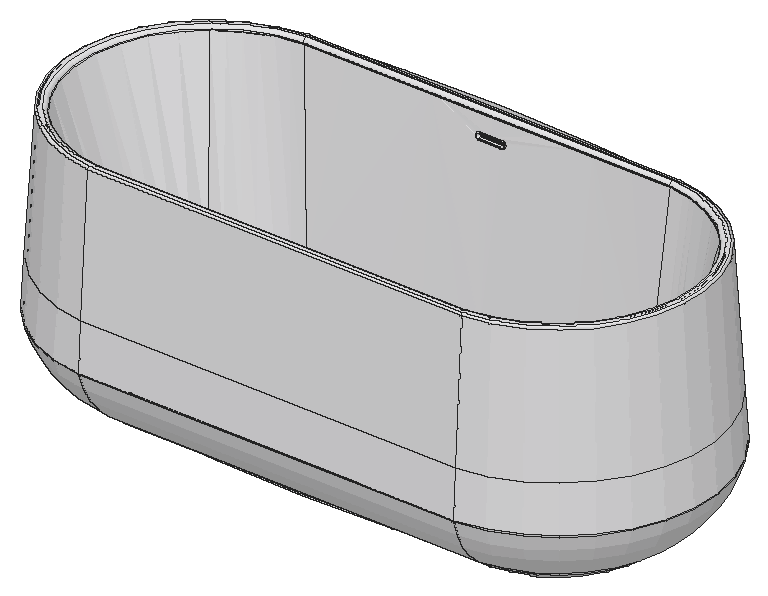
Revit family "Bath-Freestanding-KOHLER-Ceric-K-25984_1", category Plumbing Fixtures, host Face, Revit 2021
Family settings
  Host = Face
  Round Connector Dimension = Use Diameter
  Part Type = Normal
  OmniClass Number = 23.31.15.00
  OmniClass Title = Bathtubs
  Cut with Voids When Loaded = No
  Shared = No
  Room Calculation Point = No
Parameters (values of type "0-White")
  Width = 29 7/128"  # constant formula
  WaterSense Certified = 1 = 0  # no
  Waste Water Outlet = "Waste Water Outlet"  # constant formula
  Waste Connection = 1 = 1  # yes
  Vent Connection = 1 = 0  # no
  URL = "https://www.us.kohler.com/us/"
  Type = 1
  Product Page URL = "http://www.us.kohler.com/us/catalog/productDetails.jsp?productId=25984"
  Product Name = "Ceric"  # constant formula
  Product Documentation Link = "https://www.us.kohler.com/webassets/kpna/catalog/pdf/en/K-25984_spec_US-CA_Kohler_en.pdf"
  Model = if(Type = 1, "K-25984-0", if(Type = 2, "K-25984-58", "NA"))  # "K-25984-0"
  Material = "Acrylic"  # constant formula
  Master Format 2014 Name = "Residential Bathtubs"  # constant formula
  Master Format 2014 = "22 41 19"  # constant formula
  Manufacturer Address = "444 Highland Dr, Kohler, WI 53044"  # constant formula
  Manufacturer = "Kohler Co."  # constant formula
  Length = 59 59/64"  # constant formula
  Hot Water Inlet = "Hot Water Inlet"  # constant formula
  Height = 23 3/64"  # constant formula
  HW Connection = 1 = 0  # no
  Finish = KOHLER-Acrylic-0-White
  Environmental Product Declaration = ""
  Drain Included = 1 = 1  # yes
  Description = "60 inch x 29 inch freestanding bath with center toe-tap drain"  # constant formula
  Default Elevation = 0"
  Declare Label = ""
  Date Modified = "09/08/2022"  # constant formula
  Date Created = "09/08/2022"  # constant formula
  Copyright = "Copyright Kohler Co."  # constant formula
  Contact Us = "https://www.us.kohler.com/us/static/contact.jsp"
  Cold Water Inlet = "Cold Water Inlet"  # constant formula
  CW Connection = 1 = 0  # no
  Assembly Code = "D2010500"
  ADA Compliant = 1 = 0  # no
Types (3): name | Type | Model | Finish
  (no name) | 1 | "K-25984-0" | KOHLER-Acrylic-0-White
  0-White | 1 | "K-25984-0" | KOHLER-Acrylic-0-White
  58-Thunder Grey | 2 | "K-25984-58" | KOHLER-Acrylic-58-Thunder_Grey
Reference planes (in)
  plane 1 "Center (Front/Back)": y = 0
  plane 2: z = 0
  plane 3 "Center (Left/Right)": x = 0
  plane 4: y = 14.52756
  plane 5: x = -29.96063
  plane 6: x = 29.96125
  plane 7: y = -14.52713
  plane 8: z = 23.04688
  plane 9: x = -27.93307
  plane 10: x = -22.24409
  plane 11: x = 22.24409
  plane 12: x = 27.93307
  plane 13: y = 11.04331
  plane 14: y = 12.57874
  plane 15: y = -11.04331
  plane 16: y = -12.57874
  plane 17: z = 20.36971
  plane 18: z = 2.18073
  plane 19: z = 0.8246
Dimensions and locks (in)
  "Length": plane 5 to plane 6
  "Width": plane 7 to plane 4
  "Height": plane 8 to level
  plane 13 to plane 15 = 22.08661"
  plane 14 to plane 16 = 25.15748"
  plane 1 "Center (Front/Back)" to plane 4 = 14.52756"
  plane 5 to plane 3 "Center (Left/Right)" = 29.96063"
  plane 10 to plane 11 = 44.48819"
  plane 9 to plane 12 = 55.86614"
  plane 8 to plane 17 = 2.67717"
  plane 17 to plane 18 = 18.18898"
  aligned and locked: plane 2 to host face
  aligned and locked: level to host face
Automatic sketch dimensions
  host sketch curve to host sketch curve = 96"  (x2)
Nested families (in)
  nested 1: "K-25984" at (0, 0, 0), type "K-25984"
Connectors (in)
  piping at (0, 0, 0.8246), diameter 1.5, driven by "Waste Connection", driven by "Waste Water Outlet"
    settings: on nested 1, index 1, connector inside diameter 24", connector length 0", flow factor 0, pipe flow 0 GPM, pressure drop 0.00 psi, fitting loss kfactor 0, connector angle 0.00°, fixture units 0, engagement length 0", angle of deflection 0.00°, flow configuration 0, flow direction 2, fitting loss method 0, system type 16, joint type 0, gender type 0, connector reference index -1, connector utility 1, adjustable connector no, is connector primary yes, connector description "Waste Water Outlet"
Definition of nested family "K-25984"
  Parameters (values of type "K-25984")
    Material = none
    Default Elevation = 0"
  Reference planes (in)
    plane 1 "Center (Front/Back)": y = 0
    plane 2: z = 0
    plane 3 "Center (Left/Right)": x = 0
    plane 4: x = -29.96063
    plane 5: x = 29.96063
    plane 6: x = -27.93307
    plane 7: x = -22.24409
    plane 8: x = 27.93307
    plane 9: x = 22.24409
    plane 10: y = 14.52756
    plane 11: y = -14.52756
    plane 12: y = 12.57874
    plane 13: y = 11.04331
    plane 14: y = -12.57874
    plane 15: y = -11.04331
    plane 16: z = 23.04724
    plane 17: x = -28.93701
    plane 18: x = 28.93701
    plane 19: x = -22.6378
    plane 20: x = 22.6378
    plane 21: x = -25.09843
    plane 22: x = 25.09843
    plane 23: y = 13.52362
    plane 24: y = -13.52362
    plane 25: y = 7.14961
    plane 26: y = -7.14961
    plane 27: y = 9.63189
    plane 28: y = -9.63189
    plane 29: z = 20.37008
    plane 30: z = 2.1811
    plane 31 "A": through (0, 12.55808, 22.68631) normal (0, -0.9964, 0.0852)
    plane 32: z = 0.8246
  Forms (in)
    Sweep 1, solid, material <- "Material", detail levels medium+fine
      path origin (0, 0, 0) x (1, 0, 0) y (0, 1, 0)
        loop
          arc (-17.41026, 13.73943) -> (-29.96245, 0.00877) -> (-17.43387, -13.74344) r 13.79895
          arc (-17.43387, -13.74344) -> (-0.00008, -14.54764) -> (17.43372, -13.74344) r 189.37008
          arc (17.43372, -13.74344) -> (29.96232, 0.00877) -> (17.4101, 13.73944) r 13.79896
          arc (17.4101, 13.73944) -> (-0.00008, 14.52756) -> (-17.41026, 13.73943) r 192.69527
      profile origin (29.96232, 0.00877, 0) x (1, 0.000859, 0) y (0, 0, 1)
        loop
          line (-1.32196, 23.04724) -> (-1.32196, 22.94094) -> (-1.28553, 22.94094) -> (-0.54785, 10.52877)
          arc (-0.54785, 10.52877) -> (-0.41227, 8.40706) -> (-0.25781, 6.28663) r 238.81424
          arc (-0.25781, 6.28663) -> (-0.25801, 6.25572) -> (-0.26335, 6.22527) r 0.18504
          arc (-0.26335, 6.22527) -> (-1.89374, 3.038) -> (-4.70639, 0.82309) r 8.37285
          arc (-4.70639, 0.82309) -> (-4.9509, 0.64425) -> (-5.11678, 0.39076) r 0.84646
          arc (-5.11678, 0.39076) -> (-5.19811, 0.29268) -> (-5.32011, 0.25591) r 0.22071
          line (-5.32011, 0.25591) -> (-6.83411, 0.25591)
          arc (-6.83411, 0.25591) -> (-7.01561, 0.3314) -> (-7.09001, 0.51335) r 0.25591
          line (-7.09001, 0.51335) -> (-7.34592, 0.51335)
          arc (-7.34592, 0.51335) -> (-7.19656, 0.15045) -> (-6.83411, 0) r 0.51181
          line (-6.83411, 0) -> (-5.32011, 0)
          arc (-5.32011, 0) -> (-5.05667, 0.07942) -> (-4.88103, 0.29122) r 0.47662
          arc (-4.88103, 0.29122) -> (-4.7653, 0.46807) -> (-4.59471, 0.59284) r 0.59055
          arc (-4.59471, 0.59284) -> (-1.6961, 2.87545) -> (-0.01588, 6.16013) r 8.62875
          arc (-0.01588, 6.16013) -> (-0.00314, 6.23269) -> (-0.00267, 6.30636) r 0.44094
          arc (-0.00267, 6.30636) -> (-0.15696, 8.42451) -> (-0.2924, 10.54395) r 238.55834
          line (-0.2924, 10.54395) -> (-1.02449, 22.86207)
          arc (-1.02449, 22.86207) -> (-1.08599, 22.99366) -> (-1.22099, 23.04724) r 0.19685
          line (-1.22099, 23.04724) -> (-1.32196, 23.04724)
    Sweep 2, solid, material <- "Material", detail levels medium+fine
      path origin (0, 0, 0) x (1, 0, 0) y (0, 1, 0)
        loop
          arc (-15.80369, 10.61105) -> (-19.23642, 9.31925) -> (-21.30859, 6.29293) r 6.10236
          arc (-21.30859, 6.29293) -> (-22.24409, 0) -> (-21.30859, -6.29293) r 21.63334
          arc (-21.30859, -6.29293) -> (-19.23642, -9.31925) -> (-15.80369, -10.61105) r 6.10236
          arc (-15.80369, -10.61105) -> (0, -11.04331) -> (15.80369, -10.61105) r 289.11527
          arc (15.80369, -10.61105) -> (19.23642, -9.31925) -> (21.30859, -6.29293) r 6.10236
          arc (21.30859, -6.29293) -> (22.24409, 0) -> (21.30859, 6.29293) r 21.63334
          arc (21.30859, 6.29293) -> (19.23642, 9.31925) -> (15.80369, 10.61105) r 6.10236
          arc (15.80369, 10.61105) -> (0, 11.04331) -> (-15.80369, 10.61105) r 289.11527
      profile origin (22.24409, 0, 0) x (1, 0, 0) y (0, 0, 1)
        loop
          line (-3.33641, 3.09865) -> (-3.33641, 2.70495) -> (-2.99746, 2.70495)
          arc (-2.99746, 2.70495) -> (-0.9199, 3.37793) -> (0.36848, 5.14125) r 3.54331
          line (0.36848, 5.14125) -> (0.42242, 5.30525) -> (0.02872, 5.30525) -> (0.01523, 5.26425)
          arc (0.01523, 5.26425) -> (-1.12999, 3.69686) -> (-2.97672, 3.09865) r 3.14961
          line (-2.97672, 3.09865) -> (-3.33641, 3.09865)
    Sweep 3, solid, material <- "Material", detail levels medium+fine
      path origin (0, 0, 0) x (1, 0, 0) y (0, 1, 0)
        loop
          arc (-16.98721, 11.87906) -> (-27.92642, 0.00463) -> (-16.99642, -11.87828) r 11.91943
          arc (-16.99642, -11.87828) -> (0.02901, -12.57872) -> (17.05319, -11.84865) r 202.97366
          arc (17.05319, -11.84865) -> (27.94833, 0.02633) -> (17.02556, 11.8759) r 11.90393
          arc (17.02556, 11.8759) -> (0.01924, 12.57874) -> (-16.98721, 11.87906) r 206.56362
      profile origin (27.94833, 0.02633, 0) x (-0.999999, -0.001165, 0) y (0, 0, 1)
        loop
          arc (-0.00902, 22.77654) -> (-0.15217, 22.97247) -> (-0.38301, 23.04724) r 0.3937
          line (-0.38301, 23.04724) -> (-0.489, 23.04724) -> (-0.489, 22.94094) -> (-0.45679, 22.94094) -> (-0.37304, 22.68631) -> (0.02066, 22.68631) -> (-0.00902, 22.77654)
    Extrusion 4, solid, material <- "Material", detail levels medium+fine
      sketch origin (0, 0, 0) x (1, 0, 0) y (0, 1, 0)
        loop
          arc (17.06424, 12.34361) -> (0.01928, 13.04805) -> (-17.02581, 12.34679) r 207.03293
          arc (-17.02581, 12.34679) -> (-28.39573, 0.00481) -> (-17.03538, -12.34597) r 12.38874
          arc (-17.03538, -12.34597) -> (0.02942, -13.04803) -> (17.09297, -12.31627) r 203.44298
          arc (17.09297, -12.31627) -> (28.41764, 0.02688) -> (17.06424, 12.34361) r 12.37325
        loop
          arc (-17.2926, 12.44248) -> (-28.66018, 0.00765) -> (-17.31398, -12.44669) r 12.49668
          arc (-17.31398, -12.44669) -> (-0.00008, -13.24537) -> (17.31383, -12.4467) r 188.0678
          arc (17.31383, -12.4467) -> (28.66004, 0.00766) -> (17.29244, 12.44249) r 12.49669
          arc (17.29244, 12.44249) -> (-0.00008, 13.22528) -> (-17.2926, 12.44248) r 191.39299
      from 22.94094 to 23.04724
    Extrusion 5, solid, material <- "Material", detail levels medium+fine
      sketch origin (0, 0, 0) x (1, 0, 0) y (0, 1, 0)
        loop
          arc (-18.13529, -5.32813) -> (-17.18938, -6.7096) -> (-15.62239, -7.29929) r 2.78564
          arc (-15.62239, -7.29929) -> (0, -7.72658) -> (15.62239, -7.29929) r 285.79855
          arc (15.62239, -7.29929) -> (17.18938, -6.7096) -> (18.13529, -5.32813) r 2.78564
          arc (18.13529, -5.32813) -> (18.92737, 0) -> (18.13529, 5.32813) r 18.31662
          arc (18.13529, 5.32813) -> (17.18938, 6.7096) -> (15.62239, 7.29929) r 2.78564
          arc (15.62239, 7.29929) -> (0, 7.72658) -> (-15.62239, 7.29929) r 285.79855
          arc (-15.62239, 7.29929) -> (-17.18938, 6.7096) -> (-18.13529, 5.32813) r 2.78564
          arc (-18.13529, 5.32813) -> (-18.92737, 0) -> (-18.13529, -5.32813) r 18.31662
      from 2.70495 to 3.09865
    Blend 6, solid, material <- "Material", detail levels medium+fine
      base sketch origin (0, 0, 0) x (1, 0, 0) y (0, 1, 0)
        loop
          arc (15.82678, 11.03284) -> (0, 11.46573) -> (-15.82678, 11.03284) r 289.53769
          arc (-15.82678, 11.03284) -> (-19.49714, 9.65161) -> (-21.71274, 6.41581) r 6.52478
          arc (-21.71274, 6.41581) -> (-22.66651, 0) -> (-21.71274, -6.41581) r 22.05576
          arc (-21.71274, -6.41581) -> (-19.49714, -9.65161) -> (-15.82678, -11.03284) r 6.52478
          arc (-15.82678, -11.03284) -> (0, -11.46573) -> (15.82678, -11.03284) r 289.53769
          arc (15.82678, -11.03284) -> (19.49714, -9.65161) -> (21.71274, -6.41581) r 6.52478
          arc (21.71274, -6.41581) -> (22.66651, 0) -> (21.71274, 6.41581) r 22.05576
          arc (21.71274, 6.41581) -> (19.49714, 9.65161) -> (15.82678, 11.03284) r 6.52478
      top sketch origin (0, 0, 0) x (1, 0, 0) y (0, 1, 0)
        loop
          arc (17.05631, 12.24767) -> (0.01927, 12.95178) -> (-17.01789, 12.25084) r 206.93666
          arc (-17.01789, 12.25084) -> (-20.61836, 11.39475) -> (-23.80085, 9.50584) r 12.29247
          arc (-23.80085, 9.50584) -> (-28.29861, 0.14473) -> (-24.0225, -9.31967) r 12.29247
          arc (-24.0225, -9.31967) -> (-20.75659, -11.33781) -> (-17.02739, -12.25003) r 12.29247
          arc (-17.02739, -12.25003) -> (0.02933, -12.95176) -> (17.08481, -12.22035) r 203.34671
          arc (17.08481, -12.22035) -> (21.4786, -10.99634) -> (25.12233, -8.25284) r 12.27698
          arc (25.12233, -8.25284) -> (28.32106, 0.1009) -> (25.00232, 8.4077) r 12.27698
          arc (25.00232, 8.4077) -> (21.38628, 11.06636) -> (17.05631, 12.24767) r 12.27698
      from 5.30525 to 22.68631
    Blend 7, void
      base sketch origin (0, 0, 0) x (1, 0, 0) y (0, 1, 0)
        loop
          arc (15.80525, 10.63973) -> (0, 11.07203) -> (-15.80525, 10.63973) r 289.14399
          arc (-15.80525, 10.63973) -> (-19.25415, 9.34184) -> (-21.33607, 6.30129) r 6.13108
          arc (-21.33607, 6.30129) -> (-22.27281, 0) -> (-21.33607, -6.30129) r 21.66206
          arc (-21.33607, -6.30129) -> (-19.25415, -9.34184) -> (-15.80525, -10.63973) r 6.13108
          arc (-15.80525, -10.63973) -> (0, -11.07203) -> (15.80525, -10.63973) r 289.14399
          arc (15.80525, -10.63973) -> (19.25415, -9.34184) -> (21.33607, -6.30129) r 6.13108
          arc (21.33607, -6.30129) -> (22.27281, 0) -> (21.33607, 6.30129) r 21.66206
          arc (21.33607, 6.30129) -> (19.25415, 9.34184) -> (15.80525, 10.63973) r 6.13108
      top sketch origin (0, 0, 0) x (1, 0, 0) y (0, 1, 0)
        loop
          arc (17.02386, 11.85531) -> (0.01924, 12.55808) -> (-16.98552, 11.85848) r 206.54296
          arc (-16.98552, 11.85848) -> (-20.47067, 11.02981) -> (-23.55123, 9.20138) r 11.89877
          arc (-23.55123, 9.20138) -> (-27.90494, 0.1401) -> (-23.76578, -9.02118) r 11.89877
          arc (-23.76578, -9.02118) -> (-20.60447, -10.97468) -> (-16.99471, -11.85769) r 11.89877
          arc (-16.99471, -11.85769) -> (0.02899, -12.55806) -> (17.05144, -11.82806) r 202.95301
          arc (17.05144, -11.82806) -> (21.30433, -10.6433) -> (24.83122, -7.98779) r 11.88328
          arc (24.83122, -7.98779) -> (27.92737, 0.09806) -> (24.71506, 8.13848) r 11.88328
          arc (24.71506, 8.13848) -> (21.21498, 10.71188) -> (17.02386, 11.85531) r 11.88328
      from 5.30525 to 22.68631
    Revolve 8, solid, material <- "Material", detail levels medium+fine
      sketch origin (0, 0, 0) x (1, 0, 0) y (0, 0, 1)
        loop
          arc (0, 4.02771) -> (-0.7117, 3.9634) -> (-1.40035, 3.77258) r 3.97072
          arc (-1.40035, 3.77258) -> (-1.42573, 3.72775) -> (-1.38618, 3.69476) r 0.0402
          line (-1.38618, 3.69476) -> (-0.50228, 3.69476)
          arc (-0.50228, 3.69476) -> (-0.95707, 3.61252) -> (-1.39975, 3.47971) r 4.10725
          arc (-1.39975, 3.47971) -> (-1.42635, 3.43374) -> (-1.38568, 3.3996) r 0.04129
          line (-1.38568, 3.3996) -> (0, 3.3996) -> (0, 4.02771)
        axis (0, 3.3996) -> (0, 4.02771)
      angle from 0 to 360
    Revolve 9, solid, material <- "Material", detail levels medium+fine
      sketch origin (0, 0, 0) x (1, 0, 0) y (0, 0, 1)
        loop
          line (0, 3.3996) -> (-0.81445, 3.3996) -> (-0.81445, 3.3496) -> (-1.03609, 3.1896) -> (-1.03609, 3.1216) -> (-1.36751, 3.1216)
          arc (-1.36751, 3.1216) -> (-1.44251, 3.0466) -> (-1.36751, 2.9716) r 0.075
          line (-1.36751, 2.9716) -> (-1.3125, 2.9716) -> (-1.3125, 2.8286) -> (-0.92703, 2.8286) -> (-0.92703, 2.0336) -> (-1.49295, 2.0336) -> (-1.49295, 1.93425) -> (-1.054, 1.93425) -> (-1.054, 1.6586) -> (-0.92703, 1.6586) -> (-0.92703, 0.62412) -> (-0.8775, 0.5746) -> (-0.73017, 0.5746) -> (-0.73017, 0.8246) -> (0, 0.8246) -> (0, 3.3996)
        axis (0, 0.5746) -> (0, 3.3996)
      angle from 0 to 360
    Revolve 10, solid, material <- "Material", detail levels medium+fine
      sketch origin (0, 0, 0) x (1, 0, 0) y (0, 0, 1)
        loop
          line (0, 2.60653) -> (-2.11845, 2.60653)
          arc (-2.11845, 2.60653) -> (-2.00198, 2.5807) -> (-1.90734, 2.50808) r 0.27559
          line (-1.90734, 2.50808) -> (-1.72739, 2.29363)
          arc (-1.72739, 2.29363) -> (-1.52458, 2.13801) -> (-1.275, 2.08268) r 0.59055
          line (-1.275, 2.08268) -> (0, 2.08268) -> (0, 2.60653)
        axis (0, 2.08268) -> (0, 2.60653)
      angle from 0 to 360
    Revolve 11, void
      sketch origin (0, 0, 0.3937) x (1, 0, 0) y (0, 0, 1)
        loop
          line (0, 2.70495) -> (-2.11845, 2.70495)
          arc (-2.11845, 2.70495) -> (-2.00198, 2.67913) -> (-1.90734, 2.60651) r 0.27559
          line (-1.90734, 2.60651) -> (-1.56221, 2.1952)
          arc (-1.56221, 2.1952) -> (-1.3594, 2.03958) -> (-1.10983, 1.98425) r 0.59055
          line (-1.10983, 1.98425) -> (0, 1.98425) -> (0, 2.70495)
        axis (0, 1.98425) -> (0, 2.70495)
      angle from 0 to 360
    Extrusion 12, solid, material <- "Material", detail levels medium+fine
      sketch origin (0, 0, 0) x (1, 0, 0) y (0, 1, 0)
        loop
          line (19.49435, -10.0847) -> (19.49435, 10.0847) -> (4.73057, 10.0847) -> (4.73057, -2.80124) -> (-4.73057, -2.80124) -> (-4.73057, 10.0847) -> (-19.49435, 10.0847) -> (-19.49435, -10.0847) -> (19.49435, -10.0847)
      from 2.1811 to 2.75949
    Sweep 13, solid, material <- "Material", detail levels medium+fine
      path origin (0, 0, 0) x (0, 1, 0) y (0, 0, 1)
        loop
          line (13.30042, 22.15928) -> (11.87504, 5.48782)
          arc (11.87504, 5.48782) -> (10.86701, 3.4361) -> (8.73688, 2.60653) r 3.14961
          line (8.73688, 2.60653) -> (-2.78093, 2.60653)
      profile origin (0, 2.97798, 2.60653) x (0, 0, 1) y (1, 0, 0)
        loop
          line (0, 2.51609) -> (0, -2.51609) -> (0.18535, -3.05439)
          arc (0.18535, -3.05439) -> (0.26721, -3.37669) -> (0.29474, -3.70809) r 2.00787
          line (0.29474, -3.70809) -> (0.29474, -4.59881) -> (0.3255, -4.59881) -> (0.3255, -3.70809)
          arc (0.3255, -3.70809) -> (0.29256, -3.31171) -> (0.19466, -2.92621) r 2.40157
          line (0.19466, -2.92621) -> (0.09843, -2.64673) -> (0.09843, 2.64673) -> (0.19466, 2.92621)
          arc (0.19466, 2.92621) -> (0.29256, 3.31171) -> (0.3255, 3.70809) r 2.40157
          line (0.3255, 3.70809) -> (0.3255, 4.59881) -> (0.29474, 4.59881) -> (0.29474, 3.70809)
          arc (0.29474, 3.70809) -> (0.26721, 3.37669) -> (0.18535, 3.05439) r 2.00787
          line (0.18535, 3.05439) -> (0, 2.51609)
    Sweep 14, solid, material <- "Material", detail levels medium+fine
      path origin (0, 10.54138, -0.90127) x (0, 0.085188, 0.996365) y (-1, 0, 0)
        loop
          line (21.65888, -1.02433) -> (21.65888, 1.02433)
          arc (21.65888, 1.02433) -> (21.36546, 1.31775) -> (21.07205, 1.02433) r 0.29341
          line (21.07205, 1.02433) -> (21.07205, -1.02433)
          arc (21.07205, -1.02433) -> (21.36546, -1.31775) -> (21.65888, -1.02433) r 0.29341
      profile origin (0, 12.38645, 20.67887) x (0, -0.085188, -0.996365) y (0, -0.996365, 0.085188)
        loop
          line (-0.01767, 0.04029) -> (-0.04351, 0.01435)
          arc (-0.04351, 0.01435) -> (-0.04665, -0.00158) -> (-0.03315, -0.0106) r 0.01463
          line (-0.03315, -0.0106) -> (0.02726, -0.0106)
          arc (0.02726, -0.0106) -> (0.08709, -0.03689) -> (0.10819, -0.09874) r 0.08123
          line (0.10819, -0.09874) -> (0.0895, -0.31729) -> (0.15177, -0.32261) -> (0.17174, -0.08911)
          arc (0.17174, -0.08911) -> (0.13799, 0.00982) -> (0.04229, 0.05188) r 0.12992
          line (0.04229, 0.05188) -> (0.01022, 0.05188)
          arc (0.01022, 0.05188) -> (-0.00488, 0.04887) -> (-0.01767, 0.04029) r 0.03937
    Extrusion 15, void
      sketch origin (0, 10.54138, -0.90127) x (0, 0.085188, 0.996365) y (-1, 0, 0)
        loop
          arc (21.54647, 1.02433) -> (21.36546, 1.20534) -> (21.18446, 1.02433) r 0.18101
          line (21.18446, 1.02433) -> (21.18446, -1.02433)
          arc (21.18446, -1.02433) -> (21.36546, -1.20534) -> (21.54647, -1.02433) r 0.18101
          line (21.54647, -1.02433) -> (21.54647, 1.02433)
      from -0.86089 to 0.14896
    Sweep 16, solid, material <- "Material", detail levels coarse
      path origin (0, 0, 0) x (1, 0, 0) y (0, 1, 0)
        loop
          arc (-17.41026, 13.73943) -> (-29.96245, 0.00877) -> (-17.43387, -13.74344) r 13.79895
          arc (-17.43387, -13.74344) -> (-0.00008, -14.54764) -> (17.43372, -13.74344) r 189.37008
          arc (17.43372, -13.74344) -> (29.96232, 0.00877) -> (17.4101, 13.73944) r 13.79896
          arc (17.4101, 13.73944) -> (-0.00008, 14.52756) -> (-17.41026, 13.73943) r 192.69527
      profile origin (29.96232, 0.00877, 0) x (1, 0.000859, 0) y (0, 0, 1)
        loop
          line (-1.9605, 23.04724) -> (-1.9605, 22.76471) -> (-1.27506, 22.76471) -> (-0.54785, 10.52877)
          arc (-0.54785, 10.52877) -> (-0.41121, 8.39156) -> (-0.25541, 6.25567) r 238.81424
          arc (-0.25541, 6.25567) -> (-1.88377, 3.05014) -> (-4.70639, 0.82309) r 8.37285
          arc (-4.70639, 0.82309) -> (-4.9509, 0.64425) -> (-5.11678, 0.39076) r 0.84646
          arc (-5.11678, 0.39076) -> (-5.19811, 0.29268) -> (-5.32011, 0.25591) r 0.22071
          line (-5.32011, 0.25591) -> (-6.83411, 0.25591)
          arc (-6.83411, 0.25591) -> (-7.01561, 0.3314) -> (-7.09001, 0.51335) r 0.25591
          line (-7.09001, 0.51335) -> (-7.34592, 0.51335)
          arc (-7.34592, 0.51335) -> (-7.19656, 0.15045) -> (-6.83411, 0) r 0.51181
          line (-6.83411, 0) -> (-5.32011, 0)
          arc (-5.32011, 0) -> (-5.05667, 0.07942) -> (-4.88103, 0.29122) r 0.47662
          arc (-4.88103, 0.29122) -> (-4.7653, 0.46807) -> (-4.59471, 0.59284) r 0.59055
          arc (-4.59471, 0.59284) -> (-1.6722, 2.90463) -> (0.00301, 6.23316) r 8.62875
          arc (0.00301, 6.23316) -> (-0.15445, 8.38789) -> (-0.2924, 10.54395) r 238.55834
          line (-0.2924, 10.54395) -> (-1.0355, 23.04724) -> (-1.9605, 23.04724)
    Blend 17, solid, material <- "Material", detail levels coarse
      base sketch origin (0, 0, 0) x (1, 0, 0) y (0, 1, 0)
        loop
          arc (15.82678, 11.03284) -> (0, 11.46573) -> (-15.82678, 11.03284) r 289.53769
          arc (-15.82678, 11.03284) -> (-19.49714, 9.65161) -> (-21.71274, 6.41581) r 6.52478
          arc (-21.71274, 6.41581) -> (-22.66651, 0) -> (-21.71274, -6.41581) r 22.05576
          arc (-21.71274, -6.41581) -> (-19.49714, -9.65161) -> (-15.82678, -11.03284) r 6.52478
          arc (-15.82678, -11.03284) -> (0, -11.46573) -> (15.82678, -11.03284) r 289.53769
          arc (15.82678, -11.03284) -> (19.49714, -9.65161) -> (21.71274, -6.41581) r 6.52478
          arc (21.71274, -6.41581) -> (22.66651, 0) -> (21.71274, 6.41581) r 22.05576
          arc (21.71274, 6.41581) -> (19.49714, 9.65161) -> (15.82678, 11.03284) r 6.52478
      top sketch origin (0, 0, 0) x (1, 0, 0) y (0, 1, 0)
        loop
          arc (17.05631, 12.24767) -> (0.01927, 12.95178) -> (-17.01789, 12.25084) r 206.93666
          arc (-17.01789, 12.25084) -> (-20.61836, 11.39475) -> (-23.80085, 9.50584) r 12.29247
          arc (-23.80085, 9.50584) -> (-28.29861, 0.14473) -> (-24.0225, -9.31967) r 12.29247
          arc (-24.0225, -9.31967) -> (-20.75659, -11.33781) -> (-17.02739, -12.25003) r 12.29247
          arc (-17.02739, -12.25003) -> (0.02933, -12.95176) -> (17.08481, -12.22035) r 203.34671
          arc (17.08481, -12.22035) -> (21.4786, -10.99634) -> (25.12233, -8.25284) r 12.27698
          arc (25.12233, -8.25284) -> (28.32106, 0.1009) -> (25.00232, 8.4077) r 12.27698
          arc (25.00232, 8.4077) -> (21.38628, 11.06636) -> (17.05631, 12.24767) r 12.27698
      from 2.1811 to 23.04724
    Blend 18, void
      base sketch origin (0, 0, 0) x (1, 0, 0) y (0, 1, 0)
        loop
          arc (15.78373, 10.24661) -> (0, 10.67832) -> (-15.78373, 10.24661) r 288.75029
          arc (-15.78373, 10.24661) -> (-19.01116, 9.03207) -> (-20.95939, 6.18676) r 5.73738
          arc (-20.95939, 6.18676) -> (-21.87911, 0) -> (-20.95939, -6.18676) r 21.26836
          arc (-20.95939, -6.18676) -> (-19.01116, -9.03207) -> (-15.78373, -10.24661) r 5.73738
          arc (-15.78373, -10.24661) -> (0, -10.67832) -> (15.78373, -10.24661) r 288.75029
          arc (15.78373, -10.24661) -> (19.01116, -9.03207) -> (20.95939, -6.18676) r 5.73738
          arc (20.95939, -6.18676) -> (21.87911, 0) -> (20.95939, 6.18676) r 21.26836
          arc (20.95939, 6.18676) -> (19.01116, 9.03207) -> (15.78373, 10.24661) r 5.73738
      top sketch origin (0, 0, 0) x (1, 0, 0) y (0, 1, 0)
        loop
          arc (16.99141, 11.46295) -> (0.0192, 12.16438) -> (-16.95314, 11.46611) r 206.14926
          arc (-16.95314, 11.46611) -> (-20.32297, 10.66486) -> (-23.30161, 8.89693) r 11.50507
          arc (-23.30161, 8.89693) -> (-27.51127, 0.13546) -> (-23.50906, -8.72269) r 11.50507
          arc (-23.50906, -8.72269) -> (-20.45235, -10.61156) -> (-16.96203, -11.46535) r 11.50507
          arc (-16.96203, -11.46535) -> (0.02865, -12.16436) -> (17.01808, -11.43578) r 202.55931
          arc (17.01808, -11.43578) -> (21.13007, -10.29027) -> (24.54011, -7.72274) r 11.48958
          arc (24.54011, -7.72274) -> (27.53368, 0.09523) -> (24.42779, 7.86926) r 11.48958
          arc (24.42779, 7.86926) -> (21.04368, 10.3574) -> (16.99141, 11.46295) r 11.48958
      from 2.79963 to 23.04724
    Extrusion 19, solid, material <- "Material", detail levels coarse
      sketch origin (0, 0, 0) x (1, 0, 0) y (0, 1, 0)
        loop
          circle (0, 0) r 1.70418
      from 0 to 1.9685
    Extrusion 20, solid, material <- "Material", detail levels medium+fine
      sketch origin (-0.59055, 0.83661, 0) x (1, 0, 0) y (0, 1, 0)
        loop
          line (16.50037, -8.22391) -> (17.12793, -9.56971) -> (20.29883, -8.09109) -> (19.67127, -6.74529) -> (16.50037, -8.22391)
        loop
          line (16.50037, 6.55068) -> (19.67127, 5.07206) -> (20.29883, 6.41786) -> (17.12793, 7.89648) -> (16.50037, 6.55068)
        loop
          line (-15.31927, -8.22391) -> (-18.49017, -6.74529) -> (-19.11773, -8.09109) -> (-15.94683, -9.56971) -> (-15.31927, -8.22391)
        loop
          line (-15.31927, 6.55068) -> (-15.94683, 7.89648) -> (-19.11773, 6.41786) -> (-18.49017, 5.07206) -> (-15.31927, 6.55068)
      from 0.25591 to 2.3622
  Cuts and joins
    Revolve 11 cuts Sweep 1
    Revolve 11 cuts Sweep 2
    Revolve 11 cuts Sweep 3
    Revolve 11 cuts Extrusion 4
    Revolve 11 cuts Extrusion 5
    Revolve 11 cuts Revolve 10
    Revolve 11 cuts Extrusion 12
    Revolve 11, Extrusion 15 cuts Sweep 13
    Revolve 11 cuts Sweep 14
    Revolve 11 cuts Extrusion 20
    joined: Sweep 1, Sweep 2, Sweep 3, Extrusion 4, Extrusion 5, Revolve 10, Extrusion 12, Sweep 13, Sweep 14, Extrusion 20
    Blend 7, Extrusion 15 cuts Blend 6
    joined: Revolve 8, Revolve 9
    Blend 18 cuts Blend 17
    joined: Sweep 16, Blend 17, Extrusion 19
  Lines and regions (in)
    Masking region 1
      outline origin (0, 0, 0) x (1, 0, 0) y (0, 1, 0)
        loop
          arc (-17.41026, 13.73943) -> (-29.96245, 0.00877) -> (-17.43387, -13.74344) r 13.79895
          arc (-17.43387, -13.74344) -> (-0.00008, -14.54764) -> (17.43372, -13.74344) r 189.37008
          arc (17.43372, -13.74344) -> (29.96232, 0.00877) -> (17.4101, 13.73944) r 13.79896
          arc (17.4101, 13.73944) -> (-0.00008, 14.52756) -> (-17.41026, 13.73943) r 192.69527
    Masking region 2
      outline origin (0, 0, 0) x (1, 0, 0) y (0, 0, 1)
        loop
          arc (-28.74132, 23.04724) -> (-28.87632, 22.99366) -> (-28.93782, 22.86207) r 0.19685
          line (-28.93782, 22.86207) -> (-29.66992, 10.54395)
          arc (-29.66992, 10.54395) -> (-29.80535, 8.42451) -> (-29.95965, 6.30636) r 238.55834
          arc (-29.95965, 6.30636) -> (-29.95917, 6.23269) -> (-29.94644, 6.16013) r 0.44094
          arc (-29.94644, 6.16013) -> (-28.26622, 2.87545) -> (-25.3676, 0.59284) r 8.62875
          arc (-25.3676, 0.59284) -> (-25.19701, 0.46807) -> (-25.08128, 0.29122) r 0.59055
          arc (-25.08128, 0.29122) -> (-24.90564, 0.07942) -> (-24.64221, 0) r 0.47662
          line (-24.64221, 0) -> (24.64221, 0)
          arc (24.64221, 0) -> (24.90564, 0.07942) -> (25.08128, 0.29122) r 0.47662
          arc (25.08128, 0.29122) -> (25.19701, 0.46807) -> (25.3676, 0.59284) r 0.59055
          arc (25.3676, 0.59284) -> (28.26622, 2.87545) -> (29.94644, 6.16013) r 8.62875
          arc (29.94644, 6.16013) -> (29.95917, 6.23269) -> (29.95965, 6.30636) r 0.44094
          arc (29.95965, 6.30636) -> (29.80535, 8.42451) -> (29.66992, 10.54395) r 238.55834
          line (29.66992, 10.54395) -> (28.93782, 22.86207)
          arc (28.93782, 22.86207) -> (28.87632, 22.99366) -> (28.74132, 23.04724) r 0.19685
          line (28.74132, 23.04724) -> (-28.74132, 23.04724)
    Masking region 3
      outline origin (0, 0, 0) x (0, 1, 0) y (0, 0, 1)
        loop
          line (13.30792, 23.04724) -> (-13.30792, 23.04724)
          arc (-13.30792, 23.04724) -> (-13.44292, 22.99366) -> (-13.50442, 22.86207) r 0.19685
          line (-13.50442, 22.86207) -> (-14.23652, 10.54395)
          arc (-14.23652, 10.54395) -> (-14.37195, 8.42451) -> (-14.52625, 6.30636) r 238.55834
          arc (-14.52625, 6.30636) -> (-14.52577, 6.23269) -> (-14.51303, 6.16013) r 0.44094
          arc (-14.51303, 6.16013) -> (-12.83282, 2.87545) -> (-9.9342, 0.59284) r 8.62875
          arc (-9.9342, 0.59284) -> (-9.76361, 0.46807) -> (-9.64788, 0.29122) r 0.59055
          arc (-9.64788, 0.29122) -> (-9.47224, 0.07942) -> (-9.20881, 0) r 0.47662
          line (-9.20881, 0) -> (9.20881, 0)
          arc (9.20881, 0) -> (9.47224, 0.07942) -> (9.64788, 0.29122) r 0.47662
          arc (9.64788, 0.29122) -> (9.76361, 0.46807) -> (9.9342, 0.59284) r 0.59055
          arc (9.9342, 0.59284) -> (12.83282, 2.87545) -> (14.51303, 6.16013) r 8.62875
          arc (14.51303, 6.16013) -> (14.52577, 6.23269) -> (14.52625, 6.30636) r 0.44094
          arc (14.52625, 6.30636) -> (14.37195, 8.42451) -> (14.23652, 10.54395) r 238.55834
          line (14.23652, 10.54395) -> (13.50442, 22.86207)
          arc (13.50442, 22.86207) -> (13.44292, 22.99366) -> (13.30792, 23.04724) r 0.19685
    symbolic lines
      curve 1: arc (-16.98721, 11.87906, 0) -> (0.01924, 12.57874, 0) -> (17.02556, 11.8759, 0) r 206.56362
      curve 2: arc (-16.99642, -11.87828, 0) -> (0.02901, -12.57872, 0) -> (17.05319, -11.84865, 0) r 202.97366
      curve 3: arc (-16.99642, -11.87828, 0) -> (-27.92642, 0.00463, 0) -> (-16.98721, 11.87906, 0) r 11.91943
      curve 4: arc (17.05319, -11.84865, 0) -> (27.94833, 0.02633, 0) -> (17.02556, 11.8759, 0) r 11.90393
      curve 5: arc (-15.80369, 10.61105, 0) -> (0, 11.04331, 0) -> (15.80369, 10.61105, 0) r 289.11527
      curve 6: arc (-21.30859, 6.29293, 0) -> (-22.24409, 0, 0) -> (-21.30859, -6.29293, 0) r 21.63334
      curve 7: arc (-21.30859, 6.29293, 0) -> (-19.23642, 9.31925, 0) -> (-15.80369, 10.61105, 0) r 6.10236
      curve 8: arc (-15.80369, -10.61105, 0) -> (0, -11.04331, 0) -> (15.80369, -10.61105, 0) r 289.11527
      curve 9: arc (-15.80369, -10.61105, 0) -> (-19.23642, -9.31925, 0) -> (-21.30859, -6.29293, 0) r 6.10236
      curve 10: arc (21.30859, 6.29293, 0) -> (22.24409, 0, 0) -> (21.30859, -6.29293, 0) r 21.63334
      curve 11: arc (21.30859, 6.29293, 0) -> (19.23642, 9.31925, 0) -> (15.80369, 10.61105, 0) r 6.10236
      curve 12: arc (15.80369, -10.61105, 0) -> (19.23642, -9.31925, 0) -> (21.30859, -6.29293, 0) r 6.10236
      curve 27: circle (0, 0, 0) r 1.70418 normal (0, 0, 1)
    symbolic lines, detail levels medium+fine
      curve 13: arc (17.31762, 12.72001, 0) -> (-0.00008, 13.50394, 0) -> (-17.31777, 12.71999, 0) r 191.67165
      curve 14: arc (-17.31777, 12.71999, 0) -> (-28.93883, 0.00789, 0) -> (-17.33963, -12.72416, 0) r 12.77533
      curve 15: arc (-17.33963, -12.72416, 0) -> (-0.00008, -13.52402, 0) -> (17.33948, -12.72417, 0) r 188.34646
      curve 16: arc (17.33948, -12.72417, 0) -> (28.93869, 0.00789, 0) -> (17.31762, 12.72001, 0) r 12.77534
      curve 17: arc (-15.68532, 8.44893, 0) -> (0, 8.87795, 0) -> (15.68532, 8.44893, 0) r 286.94992
      curve 18: arc (19.23687, 5.66305, 0) -> (17.89999, 7.61551, 0) -> (15.68532, 8.44893, 0) r 3.93701
      curve 19: arc (19.23687, 5.66305, 0) -> (20.07874, 0, 0) -> (19.23687, -5.66305, 0) r 19.46799
      curve 20: arc (15.68532, -8.44893, 0) -> (17.89999, -7.61551, 0) -> (19.23687, -5.66305, 0) r 3.93701
      curve 21: arc (-15.68532, -8.44893, 0) -> (0, -8.87795, 0) -> (15.68532, -8.44893, 0) r 286.94992
      curve 22: arc (-15.68532, -8.44893, 0) -> (-17.89999, -7.61551, 0) -> (-19.23687, -5.66305, 0) r 3.93701
      curve 23: arc (-19.23687, 5.66305, 0) -> (-20.07874, 0, 0) -> (-19.23687, -5.66305, 0) r 19.46799
      curve 24: arc (-19.23687, 5.66305, 0) -> (-17.89999, 7.61551, 0) -> (-15.68532, 8.44893, 0) r 3.93701
      curve 25: circle (0, 0, 0) r 2.16535 normal (0, 0, 1)
      curve 26: circle (0, 0, 0) r 1.44043 normal (0, 0, 1)
      curve 28: circle (0, 0, 0) r 1.42111 normal (0, 0, 1)
      curve 29: arc (-17.33556, 12.91604, 0) -> (-29.13568, 0.00806, 0) -> (-17.35775, -12.92018, 0) r 12.97218
      curve 30: arc (-17.35775, -12.92018, 0) -> (-0.00008, -13.72087, 0) -> (17.3576, -12.92018, 0) r 188.54331
      curve 31: arc (17.3576, -12.92018, 0) -> (29.13554, 0.00806, 0) -> (17.3354, 12.91605, 0) r 12.97219
      curve 32: arc (17.3354, 12.91605, 0) -> (-0.00008, 13.70079, 0) -> (-17.33556, 12.91604, 0) r 191.8685
      curve 33: arc (-17.0193, -12.15292, 0) -> (-28.20201, 0.00474, 0) -> (-17.00988, 12.15372, 0) r 12.19502
      curve 34: arc (-17.00988, 12.15372, 0) -> (0.01926, 12.85433, 0) -> (17.04828, 12.15055, 0) r 206.83921
      curve 35: arc (17.07655, -12.12324, 0) -> (28.22392, 0.02665, 0) -> (17.04828, 12.15055, 0) r 12.17952
      curve 36: arc (-17.0193, -12.15292, 0) -> (0.02925, -12.85431, 0) -> (17.07655, -12.12324, 0) r 203.24925
      curve 37: line (-28.93782, 0, 22.86207) -> (28.93782, 0, 22.86207)
      curve 38: line (29.95965, 0, 6.30636) -> (-29.95965, 0, 6.30636)
      curve 39: line (-29.94644, 0, 6.16013) -> (29.94644, 0, 6.16013)
      curve 40: line (25.3676, 0, 0.59284) -> (-25.3676, 0, 0.59284)
      curve 41: line (0, 13.50442, 22.86207) -> (0, -13.50442, 22.86207)
      curve 42: line (0, 14.52625, 6.30636) -> (0, -14.52625, 6.30636)
      curve 43: line (0, -14.51303, 6.16013) -> (0, 14.51303, 6.16013)
      curve 44: line (0, 9.9342, 0.59284) -> (0, -9.9342, 0.59284)
  Dimensions and locks (in)
    plane 4 to plane 5 = 59.92126"
    plane 4 to plane 3 "Center (Left/Right)" = 29.96063"
    plane 6 to plane 8 = 55.86614"
    plane 7 to plane 9 = 44.48819"
    plane 11 to plane 10 = 29.05512"
    plane 1 "Center (Front/Back)" to plane 10 = 14.52756"
    plane 14 to plane 12 = 25.15748"
    plane 15 to plane 13 = 22.08661"
    plane 16 to level = 23.04724"
    plane 17 to plane 18 = 57.87402"
    plane 3 "Center (Left/Right)" to plane 19 = 22.6378"
    plane 20 to plane 19 = 45.27559"
    plane 22 to plane 21 = 50.19685"
    plane 23 to plane 24 = 27.04724"
    plane 10 to plane 13 = 3.48425"
    plane 15 to plane 11 = 3.48425"
    plane 25 to plane 26 = 14.29921"
    plane 25 to plane 1 "Center (Front/Back)" = 7.14961"
    plane 27 to plane 28 = 19.26378"
    plane 16 to plane 29 = 2.67717"
    plane 29 to plane 30 = 18.18898"
    aligned and locked: level to plane 2
